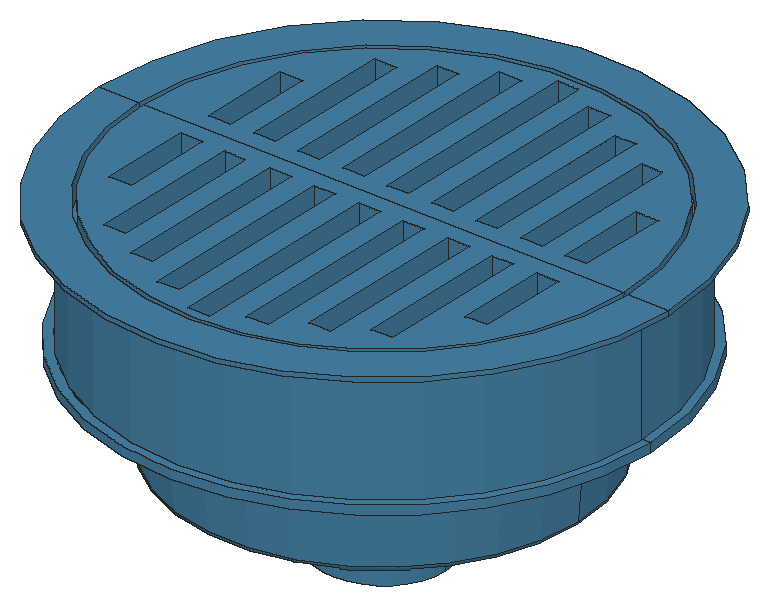
Revit family "Drain_Floor_16_Inch_Round_Top-Zurn-Z545-Heavy-Duty", category Plumbing Fixtures, Revit 2022
Family settings
  Round Connector Dimension = Use Radius
  Part Type = Normal
  OmniClass Number = 23.45.55.21
  OmniClass Title = Drains (Wastes)
  Work Plane-Based = No
  Always vertical = Yes
  Cut with Voids When Loaded = No
  Maintain Annotation Orientation = No
  Shared = No
  Room Calculation Point = No
Parameters (values of type "Load Family Catalog")
  ZN-Top = no
  Waste Connection = 1 = 1  # yes
  WFU = 0  # constant formula
  Vent Connection = 1 = 0  # no
  URL = "www.zurn.com"
  Type Comments = "Z545-3 Inch Inside Caulk Outlet"
  Trap Primer = 1 = 1  # yes
  Top diameter = 16.000"
  Grate Open Area (Sq. In) = "45"
  Grater Material = Iron - Zurn - Cast - Painted - Blue
  Product data url = "https://www.bimobject.com/en-in/zurnindustries/product/zurn-z545"
  Product Page URL = "https://www.zurn.com/products/drainage-interceptors/floor-drains/area-drains/z545"
  Product Installation Sheet URL = "https://www.zurn.com/media-library/web_documents/pdfs/installation/fs16-pdf.pdf"
  Product Documentation Link = "https://files.zurn.com/spec-sheets/z545.pdf"
  Frame Height = 3.500"
  Connector Radius = [A_ Pipe Size (Nominal)] / 2  # 1.500"
  Model = "Z545-3IC"
  Main Material = Iron - Zurn - Cast - Painted - Blue
  HWFU = 0  # constant formula
  HW Connection = 1 = 0  # no
  Description = "16 [406] DIAMETER HEAVY DUTY DRAIN"  # constant formula
  CWFU = 0  # constant formula
  CW Connection = 1 = 0  # no
  Assembly Code = "D2030300"
  A_ Pipe Size (Nominal) = 3.000"
  A_ Pipe Size (Actual-Outer) = 3.500"
  A_ Pipe Size (Actual-Inner) = 3.068"
  Modified Date = "12/05/2025"  # constant formula
  Manufacurer Brand = "Zurn"  # constant formula
  Manufacturer = "Zurn Water, LLC"  # constant formula
  E_ Body Height = 5.250"
  Default Elevation = 4.000"  # constant formula
  Date Created = "11/13/2018"  # constant formula
  Approx. Weight (Lbs) = 69.000"
Reference planes (in)
  plane 1 "Center (Front/Back)": y = 0
  plane 2 "Top Level": z = -3.5
  plane 3 "Center (Left/Right)": x = 0
  plane 4: through (-4.38902, 4.38902, 48) normal (0.7071, 0.7071, 0)
  plane 5: through (4.7432, 4.7432, 48) normal (0.7071, -0.7071, 0)
  plane 6: x = -7.5
  plane 7: x = 7.5
  plane 8: x = -8
  plane 9: x = 8
  plane 10: z = -0.125
  plane 11: z = -0.625
  plane 12: x = -7.25
  plane 13: x = 7.25
  plane 14: x = -6
  plane 15: x = -1.75
  plane 16: x = 1.75
  plane 17: x = -1.534
  plane 18: x = 1.534
  plane 19: z = -6.0625
  plane 20: z = -6.3125
  plane 21: x = -5.4375
  plane 22: z = -8.75
  plane 23: z = -3.75
  plane 24: z = 0
  plane 25: y = 0.5
  plane 26: y = 6.5
  plane 27: y = 6
  plane 28: y = 4.75
  plane 29: y = 3
  plane 30: y = 5.375
  plane 31: y = -0.5
  plane 32: y = -4.75
  plane 33: y = -5.375
  plane 34: y = -6.5
  plane 35: y = -6
  plane 36: y = -3
  plane 37: x = -0.3125
  plane 38: x = -0.9375
  plane 39: x = -1.5625
  plane 40: x = -2.1875
  plane 41: x = -2.8125
  plane 42: x = -3.4375
  plane 43: x = -4.0625
  plane 44: x = -4.6875
  plane 45: x = -5.3125
  plane 46: x = 0.3125
  plane 47: x = 0.9375
  plane 48: x = 1.5625
  plane 49: x = 2.1875
  plane 50: x = 2.8125
  plane 51: x = 3.4375
  plane 52: x = 4.0625
  plane 53: x = 4.6875
  plane 54: x = 5.3125
  plane 55: y = 1.75
  plane 56: y = -1.75
  plane 57: x = -8
  plane 58: x = 8
  plane 59: y = 8
  plane 60: y = -8
  plane 61: x = -6.875
  plane 62: x = -6.625
  plane 63: x = -6.75
Forms (in)
  Revolve 1, solid, material "Iron - Zurn - Cast - Painted - Blue" <- "Main Material", detail levels fine
    sketch origin (0, 0, 0) x (1, 0, 0) y (0, 0, 1)
      loop
        line (-7.5, -3.5) -> (-7.5, -3.75) -> (-7.27407, -3.75) -> (-6.12272, -3.9738)
        arc (-6.12272, -3.9738) -> (-5.77751, -4.16911) -> (-5.61935, -4.53285) r 0.625
        line (-5.61935, -4.53285) -> (-5.47363, -6.19839)
        arc (-5.47363, -6.19839) -> (-5.43356, -6.27966) -> (-5.34911, -6.3125) r 0.125
        line (-5.34911, -6.3125) -> (-1.875, -6.3125)
        arc (-1.875, -6.3125) -> (-1.78661, -6.34911) -> (-1.75, -6.4375) r 0.125
        line (-1.75, -6.4375) -> (-1.75, -8.75) -> (-1.534, -8.75) -> (-1.534, -6.0625) -> (-5.00549, -6.0625)
        arc (-5.00549, -6.0625) -> (-5.17438, -5.99682) -> (-5.25453, -5.83429) r 0.25
        line (-5.25453, -5.83429) -> (-5.4375, -3.74298) -> (-6, -3.74298) -> (-7.25, -3.5) -> (-7.5, -3.5)
      axis (0, -8.75) -> (0, -3.5)
    angle from 0 to 360
  Revolve 2, solid, material "Iron - Zurn - Cast - Painted - Blue" <- "Main Material", detail levels fine
    sketch origin (0, 0, 0) x (1, 0, 0) y (0, 0, 1)
      loop
        line (-8, 0) -> (-8, -0.125) -> (-7.25, -0.125) -> (-7.25, -3.75) -> (-6.625, -3.75) -> (-6.625, -0.625) -> (-6.875, -0.625) -> (-6.875, 0) -> (-8, 0)
      axis (0, 0) -> (0, -3.75)
    angle from 0 to 360
  Revolve 3, solid, material "Iron - Zurn - Cast - Painted - Blue" <- "Grater Material", detail levels fine
    sketch origin (0, 0, 0) x (1, 0, 0) y (0, 0, 1)
      loop
        line (0, 0) -> (-6.75, 0) -> (-6.75, -0.625) -> (0, -0.625) -> (0, 0)
      axis (0, 0) -> (0, -0.625)
    angle from 0 to 360
  Revolve 4, solid, material "Iron - Zurn - Cast - Painted - Blue" <- "Grater Material", visible <- "ZN-Top", detail levels fine
    sketch origin (0, 0, 0) x (1, 0, 0) y (0, 0, 1)
      loop
        line (0, 0) -> (8, 0) -> (8, 0.1875) -> (0, 0.1875) -> (0, 0)
      axis (0, 0.1875) -> (0, 0)
    angle from 0 to 360
  Extrusion 5, void
    sketch origin (0, 0, -3.5) x (1, 0, 0) y (0, 1, 0)
      loop
        line (-0.3125, 6.5) -> (-0.3125, 0.5) -> (0.3125, 0.5) -> (0.3125, 6.5) -> (-0.3125, 6.5)
      loop
        line (2.1875, 5.375) -> (2.1875, 0.5) -> (2.8125, 0.5) -> (2.8125, 5.375) -> (2.1875, 5.375)
      loop
        line (3.4375, 4.75) -> (3.4375, 0.5) -> (4.0625, 0.5) -> (4.0625, 4.75) -> (3.4375, 4.75)
      loop
        line (4.6875, 3) -> (4.6875, 0.5) -> (5.3125, 0.5) -> (5.3125, 3) -> (4.6875, 3)
      loop
        line (-2.8125, 5.375) -> (-2.8125, 0.5) -> (-2.1875, 0.5) -> (-2.1875, 5.375) -> (-2.8125, 5.375)
      loop
        line (-4.0625, 4.75) -> (-4.0625, 0.5) -> (-3.4375, 0.5) -> (-3.4375, 4.75) -> (-4.0625, 4.75)
      loop
        line (-5.3125, 3) -> (-5.3125, 0.5) -> (-4.6875, 0.5) -> (-4.6875, 3) -> (-5.3125, 3)
      loop
        line (-1.5625, 6) -> (-1.5625, 0.5) -> (-0.9375, 0.5) -> (-0.9375, 6) -> (-1.5625, 6)
      loop
        line (0.9375, 6) -> (0.9375, 0.5) -> (1.5625, 0.5) -> (1.5625, 6) -> (0.9375, 6)
      loop
        line (-5.3125, -0.5) -> (-5.3125, -3) -> (-4.6875, -3) -> (-4.6875, -0.5) -> (-5.3125, -0.5)
      loop
        line (-4.0625, -0.5) -> (-4.0625, -4.75) -> (-3.4375, -4.75) -> (-3.4375, -0.5) -> (-4.0625, -0.5)
      loop
        line (-2.8125, -0.5) -> (-2.8125, -5.375) -> (-2.1875, -5.375) -> (-2.1875, -0.5) -> (-2.8125, -0.5)
      loop
        line (-1.5625, -0.5) -> (-1.5625, -6) -> (-0.9375, -6) -> (-0.9375, -0.5) -> (-1.5625, -0.5)
      loop
        line (-0.3125, -0.5) -> (-0.3125, -6.5) -> (0.3125, -6.5) -> (0.3125, -0.5) -> (-0.3125, -0.5)
      loop
        line (0.9375, -0.5) -> (0.9375, -6) -> (1.5625, -6) -> (1.5625, -0.5) -> (0.9375, -0.5)
      loop
        line (2.1875, -0.5) -> (2.1875, -5.375) -> (2.8125, -5.375) -> (2.8125, -0.5) -> (2.1875, -0.5)
      loop
        line (3.4375, -0.5) -> (3.4375, -4.75) -> (4.0625, -4.75) -> (4.0625, -0.5) -> (3.4375, -0.5)
      loop
        line (4.6875, -0.5) -> (4.6875, -3) -> (5.3125, -3) -> (5.3125, -0.5) -> (4.6875, -0.5)
    from 2.875 to 3.6875
Cuts and joins
  Extrusion 5 cuts Revolve 2
  Extrusion 5 cuts Revolve 3
  Extrusion 5 cuts Revolve 4
Lines and regions (in)
  Masking region 1
    outline origin (0, 0, 0) x (1, 0, 0) y (0, 1, 0)
      loop
        circle (0, 0) r 8
  model lines, detail levels coarse+medium
    curve 1: line (0, 0, 0) -> (0, 0, -8.75)
    curve 2: line (-1.75, 0, -8.75) -> (1.75, 0, -8.75)
    curve 3: line (0, 1.75, -8.75) -> (0, -1.75, -8.75)
    curve 4: circle (0, 0, 0) r 7.4012 normal (0, 0, 1)
    curve 5: line (-4.6875, 5.72758, 0) -> (-4.6875, -5.72758, 0)
    curve 6: line (-3.4375, 6.55449, 0) -> (-3.4375, -6.55449, 0)
    curve 7: line (-2.1875, 7.07055, 0) -> (-2.1875, -7.07055, 0)
    curve 8: line (0, 7.4012, 0) -> (0, -7.4012, 0)
    curve 9: line (4.6875, 5.72758, 0) -> (4.6875, -5.72758, 0)
    curve 10: line (3.4375, 6.55449, 0) -> (3.4375, -6.55449, 0)
    curve 11: line (2.1875, -7.07055, 0) -> (2.1875, 7.07055, 0)
    curve 12: line (0.9375, 7.34159, 0) -> (0.9375, -7.34159, 0)
    curve 13: line (-0.9375, 7.34159, 0) -> (-0.9375, -7.34159, 0)
    curve 14: line (-4.87206, 5.57143, 0) -> (4.87206, 5.57143, 0)
    curve 15: line (-5.76382, 4.64286, 0) -> (5.76382, 4.64286, 0)
    curve 16: line (-6.85694, 2.78571, 0) -> (6.85694, 2.78571, 0)
    curve 17: line (-7.4012, 0, 0) -> (7.4012, 0, 0)
    curve 18: line (-7.16441, 1.85714, 0) -> (7.16441, 1.85714, 0)
    curve 19: line (-6.40171, 3.71429, 0) -> (6.40171, 3.71429, 0)
    curve 20: line (-7.32149, -1.08333, 0) -> (7.32149, -1.08333, 0)
    curve 21: line (-6.64946, -3.25, 0) -> (6.64946, -3.25, 0)
    curve 22: line (-6, -4.33333, 0) -> (6, -4.33333, 0)
    curve 23: line (-5.04356, -5.41667, 0) -> (5.04356, -5.41667, 0)
    curve 24: line (7.34272, 0.92857, 0) -> (-7.34272, 0.92857, 0)
    curve 25: line (-7.07696, -2.16667, 0) -> (7.07696, -2.16667, 0)
    curve 26: circle (0, 0, 0) r 8 normal (0, 0, 1)
Dimensions and locks (in)
  locked: plane 3 "Center (Left/Right)" to plane 4
  locked: plane 5 to plane 4
  level to plane 2 "Top Level" = 3.500"
  equal spacing: plane 7, plane 3 "Center (Left/Right)", plane 6, locked at 7.5 each
  locked: plane 7 to plane 6 at 15
  equal spacing: plane 9, plane 3 "Center (Left/Right)", plane 8, locked at 8 each
  locked: plane 9 to plane 8 at 16
  locked: plane 12 to plane 6 at 0.25
  locked: plane 7 to plane 13 at 0.25
  locked: plane 14 to plane 6 at 1.5
  equal spacing: plane 15, plane 3 "Center (Left/Right)", plane 16
  "A_ Pipe Size (Actual-Outer)": plane 15 to plane 16
  equal spacing: plane 18, plane 3 "Center (Left/Right)", plane 17
  "A_ Pipe Size (Actual-Inner)": plane 18 to plane 17
  locked: plane 2 "Top Level" to plane 19 at 2.5625
  locked: plane 19 to plane 20 at 0.25
  locked: plane 21 to plane 6 at 2.0625
  "E_ Body Height": plane 2 "Top Level" to plane 22
  locked: plane 2 "Top Level" to plane 23 at 0.25
  locked: Revolve 1 sketch curve to Revolve 1 sketch curve at 0.25  (x2)
  locked: plane 3 "Center (Left/Right)" to Revolve 1 sketch curve at 6.24197
  locked: plane 2 "Top Level" to Revolve 1 sketch curve at 1.08732
  plane 21 to Revolve 1 sketch curve = 0.08839"
  Revolve 1 sketch curve to plane 20 = 0.125"
  Revolve 1 sketch curve to plane 15 = 0.125"
  locked: plane 20 to Revolve 1 sketch curve at 0.125
  locked: plane 24 to plane 10 at 0.125
  locked: plane 24 to plane 11 at 0.625
  locked: plane 24 to plane 2 "Top Level" at 3.5
  locked: Revolve 4 sketch curve to plane 24 at 0.1875
  "Frame Height": level to plane 2 "Top Level"
  locked: plane 1 "Center (Front/Back)" to plane 25 at 0.5
  locked: plane 26 to plane 1 "Center (Front/Back)" at 6.5
  locked: plane 26 to plane 27 at 0.5
  locked: plane 28 to plane 29 at 1.75
  locked: plane 30 to plane 27 at 0.625
  locked: plane 36 to plane 32 at 1.75
  plane 32 to plane 33 to plane 35 to plane 34 = 0.625" locked, 0.625" locked, 0.500" locked
  locked: plane 34 to plane 1 "Center (Front/Back)" at 6.5
  locked: plane 1 "Center (Front/Back)" to plane 31 at 0.5
  plane 42 to plane 41 to plane 40 to plane 39 to plane 38 to plane 37 = 0.625" locked, 0.625" locked, 0.625" locked, 0.625" locked, 0.625" locked
  locked: plane 37 to plane 3 "Center (Left/Right)" at 0.3125
  plane 45 to plane 44 to plane 43 to plane 42 = 0.625" locked, 0.625" locked, 0.625" locked
  plane 51 to plane 50 to plane 49 to plane 48 to plane 47 to plane 46 = 0.625" locked, 0.625" locked, 0.625" locked, 0.625" locked, 0.625" locked
  plane 54 to plane 53 to plane 52 to plane 51 = 0.625" locked, 0.625" locked, 0.625" locked
  locked: plane 37 to plane 46 at 0.625
  locked: plane 30 to plane 28 at 0.625
  "A_ Pipe Size (Actual-Outer)": plane 55 to plane 56
  equal spacing: plane 55, plane 1 "Center (Front/Back)", plane 56
  "Top diameter": plane 58 to plane 57
  equal spacing: plane 58, plane 3 "Center (Left/Right)", plane 57
  "Top diameter": plane 59 to plane 60
  equal spacing: plane 59, plane 1 "Center (Front/Back)", plane 60
  plane 1 "Center (Front/Back)" to curve 18 = 1.85714"
  curve 19 to plane 29 = 0.71429"
  curve 20 to plane 1 "Center (Front/Back)" = 1.08333"
  curve 22 to plane 36 = 1.33333"
  locked: plane 61 to plane 12 at 0.375
  locked: plane 62 to plane 61 at 0.25
  locked: plane 62 to plane 63 at 0.125
  Revolve 1 sketch curve to Revolve 1 sketch curve = 0.250"
  equal spacing: plane 26, curve 14, curve 15, curve 19, curve 16, curve 18, curve 24, plane 1 "Center (Front/Back)", locked at 0.92857 each
  equal spacing: plane 34, curve 23, curve 22, curve 21, curve 25, curve 20, plane 1 "Center (Front/Back)", locked at 1.08333 each
  radius of Revolve 1 sketch curve = 0.625"
  radius of Revolve 1 sketch curve = 0.250"
  radius of Revolve 1 sketch curve = 0.125"  (x3)
  "Top diameter": diameter of Masking region 1 sketch curve
  "Top diameter": diameter of curve 26
  angle Revolve 1 sketch curve to Revolve 1 sketch curve = 95.00°
  angle Revolve 1 sketch curve to plane 2 "Top Level" = 11.00°
  aligned and locked: Revolve 1 sketch curve to plane 6
  aligned and locked: plane 12 to Revolve 1 sketch curve
  aligned and locked: Revolve 1 sketch curve to plane 2 "Top Level"
  aligned and locked: Revolve 1 sketch curve to plane 19
  aligned and locked: plane 19 to Revolve 1 sketch curve
  aligned and locked: plane 3 "Center (Left/Right)" to Revolve 1 sketch curve
  aligned and locked: plane 22 to Revolve 1 sketch curve
  aligned and locked: Revolve 1 sketch curve to plane 23
  aligned and locked: plane 14 to Revolve 1 sketch curve
  aligned and locked: plane 21 to Revolve 1 sketch curve
  aligned and locked: plane 10 to Revolve 2 sketch curve
  aligned and locked: Revolve 2 sketch curve to plane 24
  aligned and locked: Revolve 2 sketch curve to plane 11
  aligned and locked: level to Revolve 2 sketch curve
  aligned and locked: Revolve 2 sketch curve to Revolve 1
  aligned and locked: Revolve 2 sketch curve to plane 3 "Center (Left/Right)"
  aligned and locked: plane 23 to Revolve 2 sketch curve
  aligned and locked: Revolve 3 sketch curve to plane 3 "Center (Left/Right)"  (x2)
  aligned and locked: Revolve 3 sketch curve to plane 11
  aligned and locked: plane 24 to Revolve 3 sketch curve
  aligned and locked: level to Revolve 3 sketch curve
  aligned and locked: Revolve 3 sketch curve to Revolve 1
  aligned and locked: Revolve 4 sketch curve to plane 3 "Center (Left/Right)"  (x2)
  aligned and locked: Revolve 4 sketch curve to plane 24
  aligned and locked: level to Revolve 4 sketch curve
  aligned and locked: Revolve 4 sketch curve to Revolve 1
  aligned and locked: plane 25 to Extrusion 5 sketch curve  (x9)
  aligned and locked: plane 45 to Extrusion 5 sketch curve  (x2)
  aligned and locked: plane 44 to Extrusion 5 sketch curve  (x2)
  aligned and locked: Extrusion 5 sketch curve to plane 29  (x2)
  aligned and locked: plane 43 to Extrusion 5 sketch curve  (x2)
  aligned and locked: Extrusion 5 sketch curve to plane 42  (x2)
  aligned and locked: Extrusion 5 sketch curve to plane 28  (x2)
  aligned and locked: Extrusion 5 sketch curve to plane 41  (x2)
  aligned and locked: Extrusion 5 sketch curve to plane 40  (x2)
  aligned and locked: plane 30 to Extrusion 5 sketch curve  (x2)
  aligned and locked: Extrusion 5 sketch curve to plane 26
  aligned and locked: plane 37 to Extrusion 5 sketch curve  (x2)
  aligned and locked: plane 46 to Extrusion 5 sketch curve  (x2)
  aligned and locked: Extrusion 5 sketch curve to plane 49  (x2)
  aligned and locked: Extrusion 5 sketch curve to plane 50  (x2)
  aligned and locked: Extrusion 5 sketch curve to plane 51  (x2)
  aligned and locked: plane 52 to Extrusion 5 sketch curve  (x2)
  aligned and locked: plane 53 to Extrusion 5 sketch curve  (x2)
  aligned and locked: plane 54 to Extrusion 5 sketch curve  (x2)
  aligned and locked: Extrusion 5 sketch curve to plane 39  (x2)
  aligned and locked: Extrusion 5 sketch curve to plane 38  (x2)
  aligned and locked: Extrusion 5 sketch curve to plane 27  (x2)
  aligned and locked: Extrusion 5 sketch curve to plane 47  (x2)
  aligned and locked: Extrusion 5 sketch curve to plane 48  (x2)
  aligned and locked: Extrusion 5 sketch curve to plane 31  (x9)
  aligned and locked: Extrusion 5 sketch curve to plane 36  (x2)
  aligned and locked: plane 32 to Extrusion 5 sketch curve  (x2)
  aligned and locked: plane 33 to Extrusion 5 sketch curve  (x2)
  aligned and locked: Extrusion 5 sketch curve to plane 35  (x2)
  aligned and locked: Extrusion 5 sketch curve to plane 34
  aligned and locked: Extrusion 5 to plane 11
  aligned and locked: cut or joined group of Revolve 4, Extrusion 5 to Extrusion 5
  aligned and locked: plane 15 to curve 2
  aligned and locked: plane 16 to curve 2
  aligned and locked: curve 2 to plane 22
  aligned and locked: level to curve 1
  aligned and locked: plane 22 to curve 1
  aligned and locked: curve 1 to plane 3 "Center (Left/Right)"
  aligned and locked: curve 3 to plane 55
  aligned and locked: plane 56 to curve 3
  aligned and locked: curve 3 to plane 22
  aligned and locked: plane 44 to curve 5
  aligned and locked: curve 6 to plane 42
  aligned and locked: curve 7 to plane 40
  aligned and locked: curve 8 to plane 3 "Center (Left/Right)"
  aligned and locked: curve 9 to plane 53
  aligned and locked: plane 51 to curve 10
  aligned and locked: curve 11 to plane 49
  aligned and locked: plane 47 to curve 12
  aligned and locked: curve 13 to plane 38
  aligned and locked: plane 1 "Center (Front/Back)" to curve 17
  aligned and locked: plane 12 to Revolve 2 sketch curve
  aligned and locked: Revolve 2 sketch curve to plane 61
  aligned and locked: Revolve 2 sketch curve to plane 62
  aligned and locked: Revolve 3 sketch curve to plane 63
  aligned and locked: plane 1 "Center (Front/Back)" to curve 26
  aligned and locked: plane 3 "Center (Left/Right)" to curve 26
  aligned and locked: plane 3 "Center (Left/Right)" to Masking region 1 sketch curve
  aligned and locked: plane 1 "Center (Front/Back)" to Masking region 1 sketch curve
  aligned and locked: plane 58 to Revolve 4 sketch curve
  aligned and locked: plane 57 to Revolve 2 sketch curve
  aligned and locked: Revolve 1 sketch curve to plane 15
  aligned and locked: Revolve 1 sketch curve to plane 17
Automatic sketch dimensions
  Revolve 1 sketch curve to level = 0.000"
  Revolve 1 sketch curve to plane 22 = 1.42324"
  curve 4 to curve 26 = 0.000"  (x2)
  curve 22 to plane 14 = 0.000"
Connectors (in)
  piping at (0, 0, -8.75), diameter 3, driven by "Connector Radius", driven by "Waste Connection"
    settings: on Revolve 1, index 1, connector inside diameter 24", connector length 0.000", flow factor 0, pipe flow 0 GPM, pressure drop 0.00 psi, fitting loss kfactor 0, connector angle 0.00°, fixture units 0, engagement length 0.000", angle of deflection 0.00°, flow configuration 0, flow direction 2, fitting loss method 0, system type 16, joint type 0, gender type 0, connector reference index -1, connector utility 1, adjustable connector no, is connector primary yes, connector description "Sanitary Outlet"
Types in the file's own list only (53): name | ZN-Top | Type Comments | Top diameter | Grater Material | Frame Height | Connector Radius | Model | A_ Pipe Size (Nominal) | A_ Pipe Size (Actual-Outer) | A_ Pipe Size (Actual-Inner) | E_ Body Height | Default Elevation | Approx. Weight (Lbs)
  Z545-3IC | No | "Z545-3 Inch Inside Caulk Outlet" | 16.000 " | Iron - Zurn - Cast - Painted - Blue | 3.500 " | 1.500 " | "Z545-3IC" | 3.000 " | 3.500 " | 3.068 " | 5.250 " | 4.000 " | 69.000 "
  Z545-4IC | No | "Z545-4 Inch Inside Caulk Outlet" | 16.000 " | Iron - Zurn - Cast - Painted - Blue | 3.500 " | 2.000 " | "Z545-4IC" | 4.000 " | 4.500 " | 4.026 " | 5.250 " | 4.000 " | 69.000 "
  Z545-2IP | No | "Z545-2 Inch Threaded Outlet" | 16.000 " | Iron - Zurn - Cast - Painted - Blue | 3.500 " | 1.000 " | "Z545-2IP" | 2.000 " | 2.375 " | 2.067 " | 3.750 " | 4.000 " | 69.000 "
  Z545-3IP | No | "Z545-3 Inch Threaded Outlet" | 16.000 " | Iron - Zurn - Cast - Painted - Blue | 3.500 " | 1.500 " | "Z545-3IP" | 3.000 " | 3.500 " | 3.068 " | 3.750 " | 4.000 " | 69.000 "
  Z545-4IP | No | "Z545-4 Inch Threaded Outlet" | 16.000 " | Iron - Zurn - Cast - Painted - Blue | 3.500 " | 2.000 " | "Z545-4IP" | 4.000 " | 4.500 " | 4.026 " | 3.750 " | 4.000 " | 69.000 "
  Z545-6IP | No | "Z545-6 Inch Threaded Outlet" | 16.000 " | Iron - Zurn - Cast - Painted - Blue | 3.500 " | 3.000 " | "Z545-6IP" | 6.000 " | 6.625 " | 6.065 " | 3.750 " | 4.000 " | 69.000 "
  Z545-8IP | No | "Z545-8 Inch Threaded Outlet" | 16.000 " | Iron - Zurn - Cast - Painted - Blue | 3.500 " | 4.000 " | "Z545-8IP" | 8.000 " | 8.625 " | 7.981 " | 3.750 " | 4.000 " | 71.000 "
  Z545-10IP | No | "Z545-10 Inch Threaded Outlet" | 16.000 " | Iron - Zurn - Cast - Painted - Blue | 3.500 " | 5.000 " | "Z545-10IP" | 10.000 " | 10.130 " | 9.870 " | 3.750 " | 4.000 " | 70.000 "
  Z545-2NH | No | "Z545-2 Inch No-Hub Outlet" | 16.000 " | Iron - Zurn - Cast - Painted - Blue | 3.500 " | 1.000 " | "Z545-2NH" | 2.000 " | 2.375 " | 2.067 " | 5.250 " | 4.000 " | 69.000 "
  Z545-3NH | No | "Z545-3 Inch No-Hub Outlet" | 16.000 " | Iron - Zurn - Cast - Painted - Blue | 3.500 " | 1.500 " | "Z545-3NH" | 3.000 " | 3.500 " | 3.068 " | 5.250 " | 4.000 " | 69.000 "
  Z545-4NH | No | "Z545-4 Inch No-Hub Outlet" | 16.000 " | Iron - Zurn - Cast - Painted - Blue | 3.500 " | 2.000 " | "Z545-4NH" | 4.000 " | 4.500 " | 4.026 " | 5.250 " | 4.000 " | 69.000 "
  Z545-6NH | No | "Z545-6 Inch No-Hub Outlet" | 16.000 " | Iron - Zurn - Cast - Painted - Blue | 3.500 " | 3.000 " | "Z545-6NH" | 6.000 " | 6.625 " | 6.065 " | 5.250 " | 4.000 " | 69.000 "
  Z545-8NH | No | "Z545-8 Inch No-Hub Outlet" | 16.000 " | Iron - Zurn - Cast - Painted - Blue | 3.500 " | 4.000 " | "Z545-8NH" | 8.000 " | 8.625 " | 7.981 " | 5.250 " | 4.000 " | 71.000 "
  Z545-10NH | No | "Z545-10 Inch No-Hub Outlet" | 16.000 " | Iron - Zurn - Cast - Painted - Blue | 3.500 " | 5.000 " | "Z545-10NH" | 10.000 " | 10.130 " | 9.870 " | 3.750 " | 4.000 " | 70.000 "
  Z545-2NL | No | "Z545-2 Inch Neo-Loc Outlet" | 16.000 " | Iron - Zurn - Cast - Painted - Blue | 3.500 " | 1.000 " | "Z545-2NL" | 2.000 " | 2.375 " | 2.067 " | 4.625 " | 4.000 " | 69.000 "
  Z545-3NL | No | "Z545-3 Inch Neo-Loc Outlet" | 16.000 " | Iron - Zurn - Cast - Painted - Blue | 3.500 " | 1.500 " | "Z545-3NL" | 3.000 " | 3.500 " | 3.068 " | 4.625 " | 4.000 " | 69.000 "
  Z545-4NL | No | "Z545-4 Inch Neo-Loc Outlet" | 16.000 " | Iron - Zurn - Cast - Painted - Blue | 3.500 " | 2.000 " | "Z545-4NL" | 4.000 " | 4.500 " | 4.026 " | 4.625 " | 4.000 " | 69.000 "
  ZN545-3IC | Yes | "ZN545-3 Inch Inside Caulk Outlet with Polished Nickel Bronze Top" | 16.000 " | Bronze - Zurn - Polished Nickel | 3.688 " | 1.500 " | "ZN545-3IC" | 3.000 " | 3.500 " | 3.068 " | 5.250 " | 4.000 " | 69.000 "
  ZN545-4IC | Yes | "ZN545-4 Inch Inside Caulk Outlet with Polished Nickel Bronze Top" | 16.000 " | Bronze - Zurn - Polished Nickel | 3.688 " | 2.000 " | "ZN545-4IC" | 4.000 " | 4.500 " | 4.026 " | 5.250 " | 4.000 " | 69.000 "
  ZN545-6IC | Yes | "ZN545-6 Inch Inside Caulk Outlet with Polished Nickel Bronze Top" | 16.000 " | Bronze - Zurn - Polished Nickel | 3.688 " | 3.000 " | "ZN545-6IC" | 6.000 " | 6.625 " | 6.065 " | 5.250 " | 4.000 " | 69.000 "
  ZN545-2IP | Yes | "ZN545-2 Inch Threaded Outlet with Polished Nickel Bronze Top" | 16.000 " | Bronze - Zurn - Polished Nickel | 3.688 " | 1.000 " | "ZN545-2IP" | 2.000 " | 2.375 " | 2.067 " | 3.750 " | 4.000 " | 69.000 "
  ZN545-3IP | Yes | "ZN545-3 Inch Threaded Outlet with Polished Nickel Bronze Top" | 16.000 " | Bronze - Zurn - Polished Nickel | 3.688 " | 1.500 " | "ZN545-3IP" | 3.000 " | 3.500 " | 3.068 " | 3.750 " | 4.000 " | 69.000 "
  ZN545-4IP | Yes | "ZN545-4 Inch Threaded Outlet with Polished Nickel Bronze Top" | 16.000 " | Bronze - Zurn - Polished Nickel | 3.688 " | 2.000 " | "ZN545-4IP" | 4.000 " | 4.500 " | 4.026 " | 3.750 " | 4.000 " | 69.000 "
  ZN545-6IP | Yes | "ZN545-6 Inch Threaded Outlet with Polished Nickel Bronze Top" | 16.000 " | Bronze - Zurn - Polished Nickel | 3.688 " | 3.000 " | "ZN545-6IP" | 6.000 " | 6.625 " | 6.065 " | 3.750 " | 4.000 " | 71.000 "
  ZN545-8IP | Yes | "ZN545-8 Inch Threaded Outlet with Polished Nickel Bronze Top" | 16.000 " | Bronze - Zurn - Polished Nickel | 3.688 " | 4.000 " | "ZN545-8IP" | 8.000 " | 8.625 " | 7.981 " | 3.750 " | 4.000 " | 70.000 "
  ZN545-10IP | Yes | "ZN545-10 Inch Threaded Outlet with Polished Nickel Bronze Top" | 16.000 " | Bronze - Zurn - Polished Nickel | 3.688 " | 5.000 " | "ZN545-10IP" | 10.000 " | 10.130 " | 9.870 " | 3.750 " | 4.000 " | 69.000 "
  ZN545-2NH | Yes | "ZN545-2 Inch No-Hub Outlet with Polished Nickel Bronze Top" | 16.000 " | Bronze - Zurn - Polished Nickel | 3.688 " | 1.000 " | "ZN545-2NH" | 2.000 " | 2.375 " | 2.067 " | 5.250 " | 4.000 " | 69.000 "
  ZN545-3NH | Yes | "ZN545-3 Inch No-Hub Outlet with Polished Nickel Bronze Top" | 16.000 " | Bronze - Zurn - Polished Nickel | 3.688 " | 1.500 " | "ZN545-3NH" | 3.000 " | 3.500 " | 3.068 " | 5.250 " | 4.000 " | 69.000 "
  ZN545-4NH | Yes | "ZN545-4 Inch No-Hub Outlet with Polished Nickel Bronze Top" | 16.000 " | Bronze - Zurn - Polished Nickel | 3.688 " | 2.000 " | "ZN545-4NH" | 4.000 " | 4.500 " | 4.026 " | 5.250 " | 4.000 " | 69.000 "
  ZN545-6NH | Yes | "ZN545-6 Inch No-Hub Outlet with Polished Nickel Bronze Top" | 16.000 " | Bronze - Zurn - Polished Nickel | 3.688 " | 3.000 " | "ZN545-6NH" | 6.000 " | 6.625 " | 6.065 " | 5.250 " | 4.000 " | 71.000 "
  ZN545-8NH | Yes | "ZN545-8 Inch No-Hub Outlet with Polished Nickel Bronze Top" | 16.000 " | Bronze - Zurn - Polished Nickel | 3.688 " | 4.000 " | "ZN545-8NH" | 8.000 " | 8.625 " | 7.981 " | 5.250 " | 4.000 " | 70.000 "
  ZN545-10NH | Yes | "ZN545-10 Inch No-Hub Outlet with Polished Nickel Bronze Top" | 16.000 " | Bronze - Zurn - Polished Nickel | 3.688 " | 5.000 " | "ZN545-10NH" | 10.000 " | 10.130 " | 9.870 " | 5.250 " | 4.000 " | 69.000 "
  ZN545-2NL | Yes | "ZN545-2 Inch Neo-Loc Outlet with Polished Nickel Bronze Top" | 16.000 " | Bronze - Zurn - Polished Nickel | 3.688 " | 1.000 " | "ZN545-2NL" | 2.000 " | 2.375 " | 2.067 " | 4.625 " | 4.000 " | 69.000 "
  ZN545-3NL | Yes | "ZN545-3 Inch Neo-Loc Outlet with Polished Nickel Bronze Top" | 16.000 " | Bronze - Zurn - Polished Nickel | 3.688 " | 1.500 " | "ZN545-3NL" | 3.000 " | 3.500 " | 3.068 " | 4.625 " | 4.000 " | 69.000 "
  ZN545-4NL | Yes | "ZN545-4 Inch Neo-Loc Outlet with Polished Nickel Bronze Top" | 16.000 " | Bronze - Zurn - Polished Nickel | 3.688 " | 2.000 " | "ZN545-4NL" | 4.000 " | 4.500 " | 4.026 " | 4.625 " | 4.000 " | 69.000 "
  ZB545-3IC | Yes | "ZB545-3 Inch Inside Caulk Outlet with Polished Bronze Top" | 16.000 " | Bronze - Zurn - Polished | 3.688 " | 1.500 " | "ZB545-3IC" | 3.000 " | 3.500 " | 3.068 " | 5.250 " | 4.000 " | 69.000 "
  ZB545-4IC | Yes | "ZB545-4 Inch Inside Caulk Outlet with Polished Bronze Top" | 16.000 " | Bronze - Zurn - Polished | 3.688 " | 2.000 " | "ZB545-4IC" | 4.000 " | 4.500 " | 4.026 " | 5.250 " | 4.000 " | 69.000 "
  ZB545-6IC | Yes | "ZB545-6 Inch Inside Caulk Outlet with Polished Bronze Top" | 16.000 " | Bronze - Zurn - Polished | 3.688 " | 3.000 " | "ZB545-6IC" | 6.000 " | 6.625 " | 6.065 " | 5.250 " | 4.000 " | 69.000 "
  ZB545-2IP | Yes | "ZB545-2 Inch Threaded Outlet with Polished Bronze Top" | 16.000 " | Bronze - Zurn - Polished | 3.688 " | 1.000 " | "ZB545-2IP" | 2.000 " | 2.375 " | 2.067 " | 3.750 " | 4.000 " | 69.000 "
  ZB545-3IP | Yes | "ZB545-3 Inch Threaded Outlet with Polished Bronze Top" | 16.000 " | Bronze - Zurn - Polished | 3.688 " | 1.500 " | "ZB545-3IP" | 3.000 " | 3.500 " | 3.068 " | 3.750 " | 4.000 " | 69.000 "
  ZB545-4IP | Yes | "ZB545-4 Inch Threaded Outlet with Polished Bronze Top" | 16.000 " | Bronze - Zurn - Polished | 3.688 " | 2.000 " | "ZB545-4IP" | 4.000 " | 4.500 " | 4.026 " | 3.750 " | 4.000 " | 69.000 "
  ZB545-6IP | Yes | "ZB545-6 Inch Threaded Outlet with Polished Bronze Top" | 16.000 " | Bronze - Zurn - Polished | 3.688 " | 3.000 " | "ZB545-6IP" | 6.000 " | 6.625 " | 6.065 " | 3.750 " | 4.000 " | 71.000 "
  ZB545-8IP | Yes | "ZB545-8 Inch Threaded Outlet with Polished Bronze Top" | 16.000 " | Bronze - Zurn - Polished | 3.688 " | 4.000 " | "ZB545-8IP" | 8.000 " | 8.625 " | 7.981 " | 3.750 " | 4.000 " | 70.000 "
  ZB545-10IP | Yes | "ZB545-10 Inch Threaded Outlet with Polished Bronze Top" | 16.000 " | Bronze - Zurn - Polished | 3.688 " | 5.000 " | "ZB545-10IP" | 10.000 " | 10.130 " | 9.870 " | 3.750 " | 4.000 " | 69.000 "
  ZB545-2NH | Yes | "ZB545-2 Inch No-Hub Outlet with Polished Bronze Top" | 16.000 " | Bronze - Zurn - Polished | 3.688 " | 1.000 " | "ZB545-2NH" | 2.000 " | 2.375 " | 2.067 " | 5.250 " | 4.000 " | 69.000 "
  ZB545-3NH | Yes | "ZB545-3 Inch No-Hub Outlet with Polished Bronze Top" | 16.000 " | Bronze - Zurn - Polished | 3.688 " | 1.500 " | "ZB545-3NH" | 3.000 " | 3.500 " | 3.068 " | 5.250 " | 4.000 " | 69.000 "
  ZB545-4NH | Yes | "ZB545-4 Inch No-Hub Outlet with Polished Bronze Top" | 16.000 " | Bronze - Zurn - Polished | 3.688 " | 2.000 " | "ZB545-4NH" | 4.000 " | 4.500 " | 4.026 " | 5.250 " | 4.000 " | 69.000 "
  ZB545-6NH | Yes | "ZB545-6 Inch No-Hub Outlet with Polished Bronze Top" | 16.000 " | Bronze - Zurn - Polished | 3.688 " | 3.000 " | "ZB545-6NH" | 6.000 " | 6.625 " | 6.065 " | 5.250 " | 4.000 " | 71.000 "
  ZB545-8NH | Yes | "ZB545-8 Inch No-Hub Outlet with Polished Bronze Top" | 16.000 " | Bronze - Zurn - Polished | 3.688 " | 4.000 " | "ZB545-8NH" | 8.000 " | 8.625 " | 7.981 " | 5.250 " | 4.000 " | 70.000 "
  ZB545-10NH | Yes | "ZB545-10 Inch No-Hub Outlet with Polished Bronze Top" | 16.000 " | Bronze - Zurn - Polished | 3.688 " | 5.000 " | "ZB545-10NH" | 10.000 " | 10.130 " | 9.870 " | 5.250 " | 4.000 " | 69.000 "
  ZB545-2NL | Yes | "ZB545-2 Inch Neo-Loc Outlet with Polished Bronze Top" | 16.000 " | Bronze - Zurn - Polished | 3.688 " | 1.000 " | "ZB545-2NL" | 2.000 " | 2.375 " | 2.067 " | 4.625 " | 4.000 " | 69.000 "
  ZB545-3NL | Yes | "ZB545-3 Inch Neo-Loc Outlet with Polished Bronze Top" | 16.000 " | Bronze - Zurn - Polished | 3.688 " | 1.500 " | "ZB545-3NL" | 3.000 " | 3.500 " | 3.068 " | 4.625 " | 4.000 " | 69.000 "
  ZB545-4NL | Yes | "ZB545-4 Inch Neo-Loc Outlet with Polished Bronze Top" | 16.000 " | Bronze - Zurn - Polished | 3.688 " | 2.000 " | "ZB545-4NL" | 4.000 " | 4.500 " | 4.026 " | 4.625 " | 4.000 " | 69.000 "
